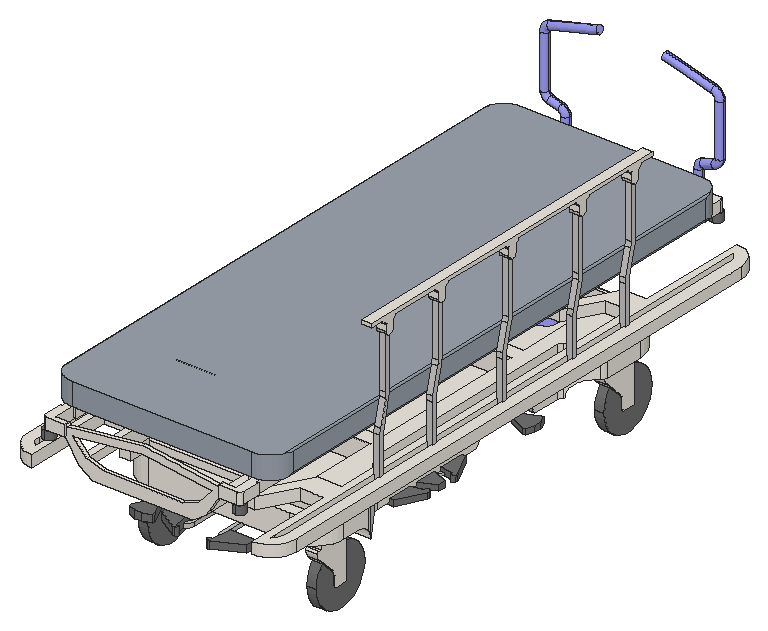
Revit family (continued)
Dimensions and locks (in)
  Extrusion 3 sketch curve to Extrusion 3 sketch curve to plane 2 "Bottom" = 0' - 0" locked, 0' - 4.00032" locked
  Extrusion 3 sketch curve to plane 1 "Center (Front/Back)" to Extrusion 3 sketch curve = 2' - 1 101/256" locked, 1' - 10 155/256" locked
  Extrusion 3 to Extrusion 3 to plane 3 "Center (Left/Right)" to Extrusion 2 to Extrusion 2 = 0' - 1 31/128" locked, 0' - 10 81/128" locked, 0' - 10.63404" locked, 0' - 1.24163" locked
  plane 4 "Left" to Extrusion 4 sketch curve to Extrusion 4 sketch curve to Extrusion 4 sketch curve = 0' - 1 1/2" locked, 0' - 0.80815" locked, 0' - 1" locked
  Extrusion 4 sketch curve to Extrusion 4 sketch curve to Extrusion 4 sketch curve to plane 5 "Right" = 0' - 1" locked, 0' - 0.80815" locked, 0' - 1 1/2" locked
  Extrusion 4 sketch curve to Extrusion 4 sketch curve to Extrusion 4 sketch curve to plane 3 "Center (Left/Right)" to Extrusion 4 sketch curve to Extrusion 4 sketch curve to Extrusion 4 sketch curve = 0' - 0" locked, 0' - 3.97506" locked, 0' - 7 1/2" locked, 0' - 7 1/2" locked, 0' - 3.97506" locked, 0' - 0" locked
  Extrusion 4 sketch curve to Extrusion 4 sketch curve to Extrusion 4 sketch curve to Extrusion 4 sketch curve to plane 3 "Center (Left/Right)" to Extrusion 4 sketch curve to Extrusion 4 sketch curve to Extrusion 4 sketch curve to Extrusion 4 sketch curve = 0' - 0" locked, 0' - 2.47506" locked, 0' - 0" locked, 0' - 9" locked, 0' - 9" locked, 0' - 0" locked, 0' - 2.47506" locked, 0' - 0" locked
  Extrusion 4 sketch curve to Extrusion 4 sketch curve to plane 3 "Center (Left/Right)" to Extrusion 4 sketch curve to Extrusion 4 sketch curve = 0' - 0" locked, 0' - 9" locked, 0' - 9" locked, 0' - 0" locked
  plane 7 "Foot" to Extrusion 4 sketch curve to Extrusion 4 sketch curve = 0' - 3.92846" locked, 0' - 0" locked  (x2)
  Extrusion 4 sketch curve to Extrusion 4 sketch curve to plane 6 "Head" = 0' - 0" locked, 0' - 4.78375" locked  (x2)
  Extrusion 4 sketch curve to Extrusion 4 sketch curve to Extrusion 4 sketch curve to Extrusion 4 sketch curve to plane 1 "Center (Front/Back)" to Extrusion 4 sketch curve to Extrusion 4 sketch curve to Extrusion 4 sketch curve to Extrusion 4 sketch curve = 0' - 3" locked, 0' - 1.42455" locked, 0' - 3" locked, 2' - 1.87965", 1' - 5.6958" locked, 0' - 3" locked, 0' - 1.42455" locked, 0' - 3" locked
  plane 9 "Matress Height" to Extrusion 5 sketch curve to Extrusion 5 sketch curve to Extrusion 5 sketch curve = 0' - 3.25034" locked, 0' - 1" locked, 0' - 0.99758" locked
  Extrusion 5 sketch curve to Extrusion 5 sketch curve to plane 1 "Center (Front/Back)" to Extrusion 5 sketch curve to Extrusion 5 sketch curve = 0' - 3" locked, 1' - 5.70093" locked, 2' - 6.29908" locked, 0' - 3" locked
  locked: Blend 8 sketch curve to plane 1 "Center (Front/Back)" at 19.29349
  locked: Blend 8 sketch curve to plane 1 "Center (Front/Back)" at 19.29297
  locked: plane 1 "Center (Front/Back)" to Blend 9 sketch curve at 23.22656  (x2)
  Extrusion 10 sketch curve to Extrusion 10 sketch curve to Extrusion 10 sketch curve to Extrusion 10 sketch curve to Extrusion 10 sketch curve to plane 3 "Center (Left/Right)" to Extrusion 10 sketch curve to Extrusion 10 sketch curve to Extrusion 10 sketch curve to Extrusion 10 sketch curve to Extrusion 10 sketch curve = 0' - 1 3/4" locked, 0' - 1" locked, 0' - 0 7/8" locked, 0' - 1.25134" locked, 0' - 5.37366" locked, 0' - 5.37366" locked, 0' - 1.25134" locked, 0' - 0 7/8" locked, 0' - 1" locked, 0' - 1 3/4" locked
  Extrusion 11 sketch curve to Extrusion 11 sketch curve to Extrusion 11 sketch curve to Extrusion 11 sketch curve to plane 3 "Center (Left/Right)" to Extrusion 11 sketch curve to Extrusion 11 sketch curve to Extrusion 11 sketch curve to Extrusion 11 sketch curve = 0' - 0 1/4" locked, 0' - 1" locked, 0' - 1 3/4" locked, 0' - 10 1/4" locked, 0' - 10 1/4" locked, 0' - 1 3/4" locked, 0' - 1" locked, 0' - 0 1/4" locked
  Extrusion 10 sketch curve to Extrusion 10 sketch curve to Extrusion 10 sketch curve to Extrusion 10 sketch curve to Extrusion 10 sketch curve to Extrusion 10 sketch curve to Extrusion 10 sketch curve to Extrusion 10 sketch curve to plane 9 "Matress Height" = 0' - 1 5/16" locked, 0' - 0" locked, 0' - 0 11/32" locked, 0' - 0 21/32" locked, 0' - 0" locked, 0' - 1 3/4" locked, 0' - 0" locked, 0' - 1.50034" locked
  locked: plane 6 "Head" to Extrusion 5 sketch curve at 3.0794
  locked: Extrusion 5 sketch curve to plane 7 "Foot" at 1.25
  locked: plane 6 "Head" to Extrusion 6 sketch curve at 3.0794
  locked: Extrusion 6 sketch curve to plane 7 "Foot" at 1.25
  Extrusion 14 sketch curve to Extrusion 14 sketch curve to Extrusion 14 sketch curve to Extrusion 14 sketch curve to Extrusion 14 sketch curve to Extrusion 14 sketch curve to Extrusion 14 sketch curve to Extrusion 14 sketch curve to plane 2 "Bottom" = 0' - 1 3/4" locked, 0' - 0.2301" locked, 0' - 0" locked, 0' - 0" locked, 0' - 3.81681" locked, 0' - 0" locked, 0' - 1.46378" locked, 0' - 3.00032" locked
  Extrusion 14 sketch curve to Extrusion 14 sketch curve to Extrusion 14 sketch curve to Extrusion 14 sketch curve to Extrusion 14 sketch curve to Extrusion 14 sketch curve to plane 1 "Center (Front/Back)" to Extrusion 14 sketch curve to Extrusion 14 sketch curve to Extrusion 14 sketch curve to Extrusion 14 sketch curve to Extrusion 14 sketch curve to Extrusion 14 sketch curve to Extrusion 14 sketch curve to Extrusion 14 sketch curve = 0' - 1.95127" locked, 0' - 0.29873" locked, 0' - 0 5/8" locked, 0' - 0.46125" locked, 0' - 0.78875" locked, 1' - 10.0099" locked, 1' - 9.8651" locked, 0' - 1.95127" locked, 0' - 0.29873" locked, 0' - 0 5/8" locked, 0' - 0.46125" locked, 0' - 0.78875" locked, 0' - 0 5/8" locked, 0' - 0" locked
  locked: plane 9 "Matress Height" to Sweep 16 sketch curve at 2.56284
  locked: plane 6 "Head" to Sweep 16 sketch curve at 0.5
  Sweep 16 sketch curve to plane 3 "Center (Left/Right)" to Sweep 16 sketch curve = 0' - 8.90336" locked, 0' - 8.90336" locked
  plane 8 "Top" to Sweep 17 sketch curve = 0' - 3.24591"
  plane 3 "Center (Left/Right)" to Sweep 17 sketch curve to Sweep 17 sketch curve to Sweep 17 sketch curve = 0' - 4.36485" locked, 0' - 6.33499" locked, 0' - 1" locked
  locked: Sweep 17 sketch curve to profile plane at 0.5
  Extrusion 18 sketch curve to Extrusion 18 sketch curve to Extrusion 18 sketch curve to plane 3 "Center (Left/Right)" to Extrusion 18 sketch curve to Extrusion 18 sketch curve to Extrusion 18 sketch curve = 0' - 3.43683" locked, 0' - 2" locked, 0' - 8 1/16" locked, 0' - 8 1/16" locked, 0' - 2" locked, 0' - 3.43683" locked
  Extrusion 18 sketch curve to Extrusion 18 sketch curve to plane 1 "Center (Front/Back)" to Extrusion 18 sketch curve to Extrusion 18 sketch curve = 0' - 2" locked, 0' - 10.73907" locked, 0' - 10.73907" locked, 0' - 2" locked
  Extrusion 18 to Extrusion 20 to Extrusion 20 to Extrusion 18 to plane 2 "Bottom" = 0' - 2.7152" locked, 0' - 0.72879" locked, 0' - 3.05601" locked, 0' - 7.53091" locked
  Extrusion 19 sketch curve to Extrusion 19 sketch curve to Extrusion 19 sketch curve to Extrusion 19 sketch curve to plane 2 "Bottom" = 0' - 1" locked, 0' - 3.51795" locked, 0' - 1.98205" locked, 0' - 7.53091" locked
  Extrusion 19 sketch curve to Extrusion 19 sketch curve to Extrusion 19 sketch curve to Extrusion 19 sketch curve = 0' - 1" locked, 0' - 3.51795" locked, 0' - 1.98205" locked
  Extrusion 19 sketch curve to plane 1 "Center (Front/Back)" to Extrusion 19 sketch curve = 1' - 4.58667" locked, 1' - 7.519" locked
  Extrusion 19 sketch curve to Extrusion 19 sketch curve to plane 2 "Bottom" = 0' - 3.38706" locked, 0' - 4.14385" locked
  locked: Extrusion 19 sketch curve to plane 1 "Center (Front/Back)" at 7.19717
  plane 8 "Top" to Extrusion 26 sketch curve to Extrusion 26 sketch curve to Extrusion 26 sketch curve to Extrusion 26 sketch curve = 0' - 0 1/2" locked, 0' - 1.51117" locked, 0' - 0" locked, 0' - 0" locked
  plane 8 "Top" to Extrusion 26 sketch curve to Extrusion 26 sketch curve = 0' - 2.01117" locked, 0' - 0" locked
  plane 8 "Top" to Extrusion 28 sketch curve to Extrusion 28 sketch curve to Extrusion 28 sketch curve to Extrusion 28 sketch curve = 0' - 0 1/2" locked, 0' - 1.51117" locked, 0' - 0" locked, 0' - 0" locked
  plane 8 "Top" to Extrusion 28 sketch curve to Extrusion 28 sketch curve = 0' - 2.01117" locked, 0' - 0" locked
  cut or joined group of Blend 9, Extrusion 19 to cut or joined group of Blend 8, Extrusion 19 to plane 2 "Bottom" = 0' - 0.01792" locked, 0' - 11.31571" locked
  locked: Sweep 17 sketch curve to plane 9 "Matress Height" at 3.6369
  plane 3 "Center (Left/Right)" to Sweep 30 sketch curve to Sweep 30 sketch curve to Sweep 30 sketch curve = 0' - 4.36485" locked, 0' - 6.33499" locked, 0' - 1" locked
  locked: Sweep 30 sketch curve to profile plane at 0.5
  locked: Sweep 30 sketch curve to plane 9 "Matress Height" at 3.6369
  locked: plane 8 "Top" to Sweep 30 sketch curve at 3.24591
  Extrusion 31 sketch curve to plane 3 "Center (Left/Right)" to Extrusion 31 sketch curve = 1' - 0 3/4" locked, 1' - 0 3/4" locked  (x2)
  Extrusion 31 sketch curve to Extrusion 31 sketch curve to plane 6 "Head" = 0' - 0" locked, 0' - 2.3294" locked
  plane 7 "Foot" to Extrusion 31 sketch curve to Extrusion 31 sketch curve = 0' - 1 11/256" locked, 0' - 0" locked
  Extrusion 15 sketch curve to Extrusion 15 sketch curve to Extrusion 15 sketch curve to Extrusion 15 sketch curve to Extrusion 15 sketch curve to Extrusion 15 sketch curve to Extrusion 15 sketch curve to plane 1 "Center (Front/Back)" to Extrusion 15 sketch curve to Extrusion 15 sketch curve to Extrusion 15 sketch curve to Extrusion 15 sketch curve to Extrusion 15 sketch curve to Extrusion 15 sketch curve to Extrusion 15 sketch curve = 0' - 1.95127" locked, 0' - 0.29873" locked, 0' - 0 5/8" locked, 0' - 1 1/4" locked, 0' - 0 5/8" locked, 0' - 0" locked, 1' - 9.3849" locked, 1' - 9.8651" locked, 0' - 1.95127" locked, 0' - 0.29873" locked, 0' - 0 5/8" locked, 0' - 1 1/4" locked, 0' - 0 5/8" locked, 0' - 0" locked
  Extrusion 15 sketch curve to Extrusion 15 sketch curve to Extrusion 15 sketch curve to Extrusion 15 sketch curve to plane 2 "Bottom" = 0' - 1 3/4" locked, 0' - 0.2301" locked, 0' - 5.28059" locked, 0' - 3.00032" locked
  plane 7 "Foot" to Extrusion 18 sketch curve to Extrusion 18 sketch curve = 1' - 1.42764" locked, 0' - 2" locked
  Extrusion 18 sketch curve to Extrusion 18 sketch curve to plane 6 "Head" = 0' - 2" locked, 1' - 0.02548" locked
  plane 6 "Head" to Extrusion 19 sketch curve to Extrusion 19 sketch curve = 1' - 0.02548" locked, 0' - 1 1/2" locked
  Extrusion 19 sketch curve to Extrusion 19 sketch curve to plane 7 "Foot" = 0' - 1 1/2" locked, 1' - 1.41658" locked
  equal spacing: Sweep 1 sketch curve, plane 1 "Center (Front/Back)", Sweep 1 sketch curve
  "Mattress Length": Sweep 1 sketch curve to Sweep 1 sketch curve
  "Mattress Length": Sweep 13 sketch curve to Sweep 13 sketch curve
  equal spacing: Sweep 13 sketch curve, plane 1 "Center (Front/Back)", Sweep 13 sketch curve
  locked: plane 9 "Matress Height" to Sweep 1 sketch curve at 3
  "Mattress Width": Extrusion 34 sketch curve to Extrusion 34 sketch curve  (x2)
  locked: Extrusion 34 sketch curve to Extrusion 34 sketch curve at 3  (x4)
  equal spacing: Extrusion 34 sketch curve, plane 3 "Center (Left/Right)", Extrusion 34 sketch curve  (x2)
  Extrusion 34 sketch curve to Extrusion 34 sketch curve to Sweep 1 = 0' - 0" locked, 0' - 3" locked
  Sweep 1 to Extrusion 34 sketch curve to Extrusion 34 sketch curve = 0' - 3" locked, 0' - 0" locked
  "Siderail Length": Extrusion 26 sketch curve to Extrusion 26 sketch curve
  equal spacing: Extrusion 26 sketch curve, plane 1 "Center (Front/Back)", Extrusion 26 sketch curve
  Extrusion 26 sketch curve to Extrusion 26 sketch curve = 0' - 3"
  "Siderail Length": Extrusion 28 sketch curve to Extrusion 28 sketch curve
  equal spacing: Extrusion 28 sketch curve, plane 1 "Center (Front/Back)", Extrusion 28 sketch curve
  locked: Extrusion 28 sketch curve to Extrusion 28 sketch curve at 3  (x2)
  equal spacing: Extrusion 28 sketch curve, Extrusion 28 sketch curve, Extrusion 28 sketch curve, Extrusion 28 sketch curve, Extrusion 28 sketch curve
  locked: Extrusion 26 sketch curve to Extrusion 26 sketch curve at 3
  equal spacing: Extrusion 26 sketch curve, Extrusion 26 sketch curve, Extrusion 26 sketch curve, Extrusion 26 sketch curve, Extrusion 26 sketch curve
  locked: curve 1 to curve 2 at 3
  locked: curve 4 to curve 3 at 3
  "Siderail Length": curve 1 to curve 3
  equal spacing: curve 1, plane 1 "Center (Front/Back)", curve 3
  equal spacing: curve 1, curve 5, plane 1 "Center (Front/Back)"
  equal spacing: plane 1 "Center (Front/Back)", curve 6, curve 3
  Extrusion 27 sketch curve to curve 2 to Extrusion 27 sketch curve to Extrusion 27 sketch curve to Extrusion 27 sketch curve = 0' - 0 1/4" locked, 0' - 0 1/4" locked, 0' - 0 1/2" locked, 0' - 0 1/2" locked
  Extrusion 27 sketch curve to curve 5 to Extrusion 27 sketch curve to Extrusion 27 sketch curve to Extrusion 27 sketch curve = 0' - 0 1/4" locked, 0' - 0 1/4" locked, 0' - 0 1/2" locked, 0' - 0 1/2" locked
  Extrusion 27 sketch curve to plane 1 "Center (Front/Back)" to Extrusion 27 sketch curve to Extrusion 27 sketch curve to Extrusion 27 sketch curve = 0' - 0 1/4" locked, 0' - 0 1/4" locked, 0' - 0 1/2" locked, 0' - 0 1/2" locked
  Extrusion 27 sketch curve to curve 6 to Extrusion 27 sketch curve to Extrusion 27 sketch curve to Extrusion 27 sketch curve = 0' - 0 1/4" locked, 0' - 0 1/4" locked, 0' - 0 1/2" locked, 0' - 0 1/2" locked
  Extrusion 27 sketch curve to curve 4 to Extrusion 27 sketch curve to Extrusion 27 sketch curve to Extrusion 27 sketch curve = 0' - 0 1/4" locked, 0' - 0 1/4" locked, 0' - 0 1/2" locked, 0' - 0 1/2" locked
  Extrusion 29 sketch curve to curve 2 to Extrusion 29 sketch curve to Extrusion 29 sketch curve to Extrusion 29 sketch curve = 0' - 0 1/4" locked, 0' - 0 1/4" locked, 0' - 0 1/2" locked, 0' - 0 1/2" locked
  Extrusion 29 sketch curve to curve 5 to Extrusion 29 sketch curve to Extrusion 29 sketch curve to Extrusion 29 sketch curve = 0' - 0 1/4" locked, 0' - 0 1/4" locked, 0' - 0 1/2" locked, 0' - 0 1/2" locked
  Extrusion 29 sketch curve to plane 1 "Center (Front/Back)" to Extrusion 29 sketch curve to Extrusion 29 sketch curve to Extrusion 29 sketch curve = 0' - 0 1/4" locked, 0' - 0 1/4" locked, 0' - 0 1/2" locked, 0' - 0 1/2" locked
  Extrusion 29 sketch curve to curve 6 to Extrusion 29 sketch curve to Extrusion 29 sketch curve to Extrusion 29 sketch curve = 0' - 0 1/4" locked, 0' - 0 1/4" locked, 0' - 0 1/2" locked, 0' - 0 1/2" locked
  Extrusion 29 sketch curve to curve 4 to Extrusion 29 sketch curve to Extrusion 29 sketch curve to Extrusion 29 sketch curve = 0' - 0 1/4" locked, 0' - 0 1/4" locked, 0' - 0 1/2" locked, 0' - 0 1/2" locked
  "Siderail Length": Extrusion 33 sketch curve to Extrusion 33 sketch curve
  locked: Extrusion 33 sketch curve to Extrusion 33 sketch curve at 3  (x2)
  equal spacing: Extrusion 33 sketch curve, Extrusion 33 sketch curve, Extrusion 33 sketch curve, Extrusion 33 sketch curve, Extrusion 33 sketch curve
  locked: Extrusion 33 sketch curve to plane 6 "Head" at 0
  "Siderail Length": Extrusion 32 sketch curve to Extrusion 32 sketch curve
  locked: Extrusion 32 sketch curve to Extrusion 32 sketch curve at 3  (x2)
  equal spacing: Extrusion 32 sketch curve, Extrusion 32 sketch curve, Extrusion 32 sketch curve, Extrusion 32 sketch curve, Extrusion 32 sketch curve
  locked: Extrusion 32 sketch curve to plane 6 "Head" at 0
  equal spacing: Sweep 1 sketch curve, plane 3 "Center (Left/Right)", Sweep 1 sketch curve
  "Mattress Width": Sweep 1 sketch curve to Sweep 1 sketch curve
  equal spacing: plane 4 "Left", Extrusion 22 sketch curve, Extrusion 22 sketch curve, Extrusion 22 sketch curve, Extrusion 22 sketch curve, Extrusion 22 sketch curve, Extrusion 22 sketch curve
  equal spacing: plane 4 "Left", Extrusion 21 sketch curve, Extrusion 21 sketch curve, Extrusion 21 sketch curve, Extrusion 21 sketch curve
  equal spacing: Extrusion 21 sketch curve, Extrusion 21 sketch curve, Extrusion 21 sketch curve, Extrusion 21 sketch curve, plane 5 "Right"
  equal spacing: plane 5 "Right", Extrusion 22 sketch curve, Extrusion 22 sketch curve, Extrusion 22 sketch curve, Extrusion 22 sketch curve, Extrusion 22 sketch curve, Extrusion 22 sketch curve
  locked: plane 6 "Head" to curve 7 at 3
  locked: curve 10 to curve 11 at 3
  "Siderail Length": plane 6 "Head" to curve 11
  equal spacing: plane 6 "Head", curve 8, curve 9, curve 12, curve 11
  curve 7 to Extrusion 35 sketch curve to Extrusion 35 sketch curve = 0' - 0.04876" locked, 0' - 0.06977" locked
  curve 8 to Extrusion 35 sketch curve to Extrusion 35 sketch curve = 0' - 7.77005", 0' - 0.08099" locked
  curve 9 to Extrusion 35 sketch curve to Extrusion 35 sketch curve = 0' - 7.77005", 0' - 0.08099" locked
  curve 12 to Extrusion 35 sketch curve to Extrusion 35 sketch curve = 0' - 7.77005", 0' - 0.08099" locked
  curve 10 to Extrusion 35 sketch curve to Extrusion 35 sketch curve = 0' - 10.77005", 0' - 0.08099" locked
  curve 11 to Extrusion 35 sketch curve to Extrusion 35 sketch curve = 1' - 7.52005", 0' - 0.08099" locked
  plane 9 "Matress Height" to Extrusion 35 sketch curve to Extrusion 35 sketch curve = 0' - 3.93082" locked, 0' - 0.49216" locked
  plane 9 "Matress Height" to Extrusion 35 sketch curve to Extrusion 35 sketch curve to Extrusion 35 sketch curve to Extrusion 35 sketch curve = 0' - 4.00299" locked, 0' - 0.49626" locked, 0' - 1.49615" locked, 0' - 0.4934" locked  (x3)
  plane 9 "Matress Height" to Extrusion 35 sketch curve to Extrusion 35 sketch curve to Extrusion 35 sketch curve to Extrusion 35 sketch curve = 0' - 3.56542" locked, 0' - 0.49626" locked, 0' - 1.93372" locked, 0' - 0.4934" locked
  plane 9 "Matress Height" to Extrusion 35 sketch curve to Extrusion 35 sketch curve = 0' - 5.9954" locked, 0' - 0.4934" locked
  Extrusion 35 sketch curve to curve 8 to Extrusion 35 sketch curve = 0' - 0.01356" locked, 0' - 0.0568" locked
  Extrusion 35 sketch curve to curve 9 to Extrusion 35 sketch curve = 0' - 0.01356" locked, 0' - 0.0568" locked
  Extrusion 35 sketch curve to curve 12 to Extrusion 35 sketch curve = 0' - 0.01356" locked, 0' - 0.0568" locked
  Extrusion 35 sketch curve to Extrusion 35 sketch curve to curve 10 = 0' - 0.07036" locked, 0' - 0.02962" locked
  curve 7 to Extrusion 36 sketch curve to Extrusion 36 sketch curve = 0' - 0.04876" locked, 0' - 0.06977" locked
  Extrusion 36 sketch curve to curve 8 to Extrusion 36 sketch curve to Extrusion 36 sketch curve to Extrusion 36 sketch curve = 0' - 0.01356" locked, 0' - 0.0568" locked, 0' - 7.71325" locked, 0' - 0.08099" locked
  Extrusion 36 sketch curve to curve 9 to Extrusion 36 sketch curve to Extrusion 36 sketch curve to Extrusion 36 sketch curve = 0' - 0.01356" locked, 0' - 0.0568" locked, 0' - 7.71325" locked, 0' - 0.08099" locked
  Extrusion 36 sketch curve to curve 12 to Extrusion 36 sketch curve to Extrusion 36 sketch curve to Extrusion 36 sketch curve = 0' - 0.01356" locked, 0' - 0.05657" locked, 0' - 7.71347" locked, 0' - 0.08099" locked
  Extrusion 36 sketch curve to Extrusion 36 sketch curve to curve 10 to Extrusion 36 sketch curve to Extrusion 36 sketch curve = 0' - 0.07036" locked, 0' - 0.02962" locked, 0' - 10.77005" locked, 0' - 0.08099" locked
  curve 11 to Extrusion 36 sketch curve to Extrusion 36 sketch curve = 1' - 7.52005" locked, 0' - 0.08099" locked
  Extrusion 22 sketch curve to Extrusion 22 sketch curve to Extrusion 22 sketch curve to plane 3 "Center (Left/Right)" = 0' - 0 1/2" locked, 0' - 1.75262" locked, 0' - 4.24933" locked
  plane 3 "Center (Left/Right)" to Extrusion 22 sketch curve to Extrusion 22 sketch curve to Extrusion 22 sketch curve = 0' - 4.24933" locked, 0' - 1.75262" locked, 0' - 0 1/2" locked
  locked: Extrusion 21 sketch curve to plane 3 "Center (Left/Right)" at 9.24677  (x4)
  locked: plane 3 "Center (Left/Right)" to Extrusion 21 sketch curve at 9.24482  (x3)
  Extrusion 23 sketch curve to Extrusion 23 sketch curve to Extrusion 23 sketch curve to Extrusion 23 sketch curve to Extrusion 23 sketch curve to Extrusion 23 sketch curve to Extrusion 23 sketch curve to Extrusion 23 sketch curve to Extrusion 23 sketch curve to Extrusion 23 sketch curve to Extrusion 23 sketch curve to plane 3 "Center (Left/Right)" = 0' - 1.06404" locked, 0' - 0.03451" locked, 0' - 0.91466" locked, 0' - 0.03451" locked, 0' - 1.06404" locked, 0' - 0.30573" locked, 0' - 2.62137" locked, 0' - 0.27275" locked, 0' - 0.15103" locked, 0' - 0.12741" locked, 0' - 1.40265" locked
  plane 3 "Center (Left/Right)" to Extrusion 23 sketch curve to Extrusion 23 sketch curve to Extrusion 23 sketch curve to Extrusion 23 sketch curve to Extrusion 23 sketch curve = 0' - 2.9707" locked, 0' - 0.12741" locked, 0' - 0.15103" locked, 0' - 0.27275" locked, 0' - 3.24637" locked
  aligned and locked: Extrusion 4 sketch curve to plane 4 "Left"
  aligned and locked: Extrusion 4 sketch curve to Extrusion 4 sketch curve  (x14)
  aligned and locked: plane 5 "Right" to Extrusion 4 sketch curve
  aligned and locked: Extrusion 5 sketch curve to Extrusion 5 sketch curve  (x3)
  aligned and locked: Extrusion 6 sketch curve to Extrusion 5  (x10)
  aligned and locked: plane 3 "Center (Left/Right)" to Blend 8 sketch curve
  aligned and locked: plane 3 "Center (Left/Right)" to Blend 9 sketch curve  (x2)
  aligned and locked: Extrusion 11 sketch curve to Extrusion 11 sketch curve  (x8)
  aligned and locked: plane 9 "Matress Height" to Extrusion 10 sketch curve  (x2)
  aligned and locked: Extrusion 12 sketch curve to Extrusion 10  (x12)
  aligned and locked: Extrusion 14 sketch curve to Extrusion 14 sketch curve  (x6)
  aligned and locked: plane 9 "Matress Height" to Sweep 16 sketch curve
  aligned and locked: Extrusion 10 to Sweep 16 sketch curve
  aligned and locked: profile plane to Sweep 16 sketch curve  (x2)
  aligned and locked: profile plane to Sweep 17 sketch curve
  aligned and locked: Extrusion 18 sketch curve to Extrusion 18 sketch curve  (x6)
  aligned and locked: Extrusion 19 sketch curve to Extrusion 19 sketch curve  (x2)
  aligned and locked: Extrusion 19 to plane 5 "Right"
  aligned and locked: Extrusion 20 sketch curve to cut or joined group of Extrusion 18, Extrusion 19  (x12)
  aligned and locked: Extrusion 25 sketch curve to cut or joined group of Extrusion 18, Extrusion 19  (x6)
  aligned and locked: cut or joined group of Extrusion 18, Extrusion 19 to Extrusion 25 sketch curve
  aligned and locked: Extrusion 25 to Extrusion 20
  aligned and locked: Extrusion 25 to cut or joined group of Extrusion 18, Extrusion 19
  aligned and locked: Extrusion 26 sketch curve to plane 8 "Top"
  aligned and locked: Extrusion 26 sketch curve to Extrusion 26 sketch curve  (x5)
  aligned and locked: Extrusion 28 sketch curve to Extrusion 28 sketch curve  (x5)
  aligned and locked: plane 8 "Top" to Extrusion 28 sketch curve
  aligned and locked: plane 9 "Matress Height" to Sweep 17 sketch curve
  aligned and locked: profile plane to Sweep 30 sketch curve
  aligned and locked: plane 9 "Matress Height" to Sweep 30 sketch curve
  aligned and locked: Extrusion 10 sketch curve to Extrusion 10 sketch curve  (x2)
  aligned and locked: Extrusion 12 sketch curve to Extrusion 12 sketch curve  (x2)
  aligned and locked: Extrusion 15 sketch curve to Extrusion 15 sketch curve  (x6)
  aligned and locked: Sweep 1 sketch curve to plane 9 "Matress Height"
  aligned and locked: Sweep 13 sketch curve to plane 9 "Matress Height"
  aligned and locked: plane 9 "Matress Height" to Sweep 1 sketch curve
  aligned and locked: Extrusion 33 sketch curve to Extrusion 33 sketch curve  (x5)
  aligned and locked: Extrusion 22 sketch curve to Extrusion 22 sketch curve  (x10)
  aligned and locked: Extrusion 21 sketch curve to Extrusion 21 sketch curve  (x6)
Automatic sketch dimensions
  Extrusion 4 sketch curve to Extrusion 4 sketch curve = 0' - 0"  (x4)
  Extrusion 7 sketch curve to plane 9 "Matress Height" = 0' - 1.50034"  (x2)
  plane 1 "Center (Front/Back)" to Extrusion 7 sketch curve = 1' - 7.591"
  plane 1 "Center (Front/Back)" to Extrusion 7 sketch curve = 0' - 1.3042"
  plane 1 "Center (Front/Back)" to Extrusion 7 sketch curve = 0' - 0.5542"
  Extrusion 7 sketch curve to plane 1 "Center (Front/Back)" = 0' - 1.6958"
  Extrusion 7 sketch curve to Extrusion 7 sketch curve = 0' - 0 3/4"  (x2)
  Extrusion 7 sketch curve to plane 9 "Matress Height" = 0' - 0.25034"  (x3)
  Extrusion 7 sketch curve to Extrusion 7 sketch curve = 0' - 5"
  Extrusion 7 sketch curve to Extrusion 7 sketch curve = 1' - 2.95403"
  Extrusion 7 sketch curve to plane 9 "Matress Height" = 0' - 1.25034"  (x2)
  Extrusion 7 sketch curve to Extrusion 7 sketch curve = 0' - 1"
  Blend 8 sketch curve to Blend 8 sketch curve = 0' - 2.81309"
  Extrusion 11 sketch curve to plane 7 "Foot" = 0' - 0 139/256"
  Extrusion 11 sketch curve to Extrusion 11 sketch curve = 0' - 0 1/2"  (x3)
  Extrusion 11 sketch curve to Extrusion 11 sketch curve = 0' - 0 53/256"  (x2)
  Extrusion 11 sketch curve to Extrusion 11 sketch curve = 0' - 2 75/256"
  plane 6 "Head" to Extrusion 11 sketch curve = 0' - 4.8294"
  Extrusion 11 sketch curve to Extrusion 11 sketch curve = 0' - 1 1/4"  (x4)
  Sweep 13 sketch curve to profile plane = 0' - 0"  (x2)
  Sweep 13 sketch curve to Sweep 13 sketch curve = 0' - 1 1/4"  (x2)
  Sweep 13 sketch curve to profile plane = 1' - 0"
  Sweep 13 sketch curve to Sweep 13 sketch curve = 0' - 0 1/2"  (x2)
  profile plane to Sweep 13 sketch curve = 0' - 11 1/2"
  Extrusion 14 sketch curve to Extrusion 14 sketch curve = 0' - 0 27/128"
  Extrusion 14 sketch curve to Extrusion 14 sketch curve = 0' - 1.04411"  (x2)
  Extrusion 14 sketch curve to Extrusion 14 sketch curve = 0' - 0.30581"  (x2)
  Extrusion 14 sketch curve to Extrusion 14 sketch curve = 0' - 0.51348"  (x2)
  Extrusion 14 sketch curve to Extrusion 14 sketch curve = 0' - 0 5/8"
  Extrusion 14 sketch curve to Extrusion 14 sketch curve = 0' - 0"
  Extrusion 14 sketch curve to Extrusion 14 sketch curve = 0' - 0.18398"
  Sweep 16 sketch curve to Sweep 16 sketch curve = 0' - 1"
  Extrusion 19 sketch curve to plane 1 "Center (Front/Back)" = 0' - 2.20217"
  level to Extrusion 19 sketch curve = 0' - 7.53091"
  Extrusion 26 sketch curve to Extrusion 26 sketch curve = 0' - 0.45832"  (x9)
  Extrusion 26 sketch curve to Extrusion 26 sketch curve = 0' - 0.52084"  (x5)
  Extrusion 26 sketch curve to Extrusion 26 sketch curve = 0' - 0.35798"
  Extrusion 26 sketch curve to plane 8 "Top" = 0' - 0 181/256"  (x2)
  Extrusion 26 sketch curve to plane 8 "Top" = 0' - 1.16537"
  Extrusion 26 sketch curve to Extrusion 26 sketch curve = 0' - 0.66537"  (x7)
  Extrusion 28 sketch curve to Extrusion 28 sketch curve = 0' - 0.45832"  (x9)
  Extrusion 28 sketch curve to Extrusion 28 sketch curve = 0' - 0.52084"  (x5)
  Extrusion 28 sketch curve to Extrusion 28 sketch curve = 0' - 0.35798"
  plane 8 "Top" to Extrusion 28 sketch curve = 0' - 1.16537"
  plane 8 "Top" to Extrusion 28 sketch curve = 0' - 0 181/256"
  Extrusion 28 sketch curve to Extrusion 28 sketch curve = 0' - 0.66537"  (x8)
  plane 8 "Top" to Extrusion 32 sketch curve = 1' - 4.12198"
  plane 8 "Top" to Extrusion 32 sketch curve = 1' - 4.62198"  (x4)
  Extrusion 32 sketch curve to Extrusion 32 sketch curve = 0' - 0.45832"  (x10)
  Extrusion 32 sketch curve to Extrusion 32 sketch curve = 0' - 0.52084"  (x5)
  plane 8 "Top" to Extrusion 32 sketch curve = 1' - 4.82903"
  Extrusion 32 sketch curve to Extrusion 32 sketch curve = 0' - 0.66537"  (x7)
  Extrusion 32 sketch curve to Extrusion 32 sketch curve = 0' - 0.8458"  (x7)
  Extrusion 32 sketch curve to Extrusion 32 sketch curve = 0' - 0 53/256"
  Extrusion 32 sketch curve to Extrusion 32 sketch curve = 0' - 0 1/2"
  Extrusion 33 sketch curve to plane 9 "Matress Height" = 0' - 2.73917"
  Extrusion 33 sketch curve to Extrusion 33 sketch curve = 0' - 0.45832"  (x8)
  Extrusion 33 sketch curve to Extrusion 33 sketch curve = 0' - 0.52084"  (x5)
  Extrusion 33 sketch curve to Extrusion 33 sketch curve = 0' - 0.35798"
  Extrusion 33 sketch curve to Extrusion 33 sketch curve = 0' - 0.66537"  (x8)
  Extrusion 33 sketch curve to Extrusion 33 sketch curve = 0' - 0"
  Extrusion 33 sketch curve to Extrusion 33 sketch curve = 0' - 1.51117"
  Extrusion 33 sketch curve to Extrusion 33 sketch curve = 0' - 0.8458"  (x4)
  Extrusion 33 sketch curve to Extrusion 33 sketch curve = 0' - 0 53/256"  (x2)
  Extrusion 33 sketch curve to Extrusion 33 sketch curve = 0' - 0 1/2"
  profile plane to Sweep 1 sketch curve = 0' - 0 1/4"  (x2)
  Sweep 1 sketch curve to Sweep 1 sketch curve = 0' - 2 1/2"
  Sweep 1 sketch curve to Sweep 1 sketch curve = 0' - 0 1/4"
  Extrusion 26 sketch curve to Extrusion 26 sketch curve = 0' - 0.10034"  (x2)
  Extrusion 28 sketch curve to Extrusion 28 sketch curve = 0' - 0.10034"  (x2)
  Extrusion 15 sketch curve to Extrusion 15 sketch curve = 0' - 0.2301"  (x2)
  level to Extrusion 15 sketch curve = 0' - 7 9/32"  (x2)
  Extrusion 15 sketch curve to Extrusion 15 sketch curve = 0' - 0.18398"  (x2)
  Extrusion 15 sketch curve to Extrusion 15 sketch curve = 0' - 1.04411"  (x2)
  Extrusion 15 sketch curve to Extrusion 15 sketch curve = 0' - 0.30581"  (x2)
  Extrusion 15 sketch curve to Extrusion 15 sketch curve = 0' - 0.51348"  (x2)
  Extrusion 15 sketch curve to Extrusion 15 sketch curve = 0' - 0.9503"  (x2)
  Extrusion 33 sketch curve to Extrusion 33 sketch curve = 0' - 0.10034"  (x2)
  Extrusion 32 sketch curve to Extrusion 32 sketch curve = 0' - 0.10034"  (x2)
  Blend 8 sketch curve to plane 3 "Center (Left/Right)" = 0' - 0"
  Blend 8 sketch curve to Blend 8 sketch curve = 0' - 4 1/4"
  plane 3 "Center (Left/Right)" to Blend 9 sketch curve = 0' - 4 1/4"
  Blend 9 sketch curve to plane 3 "Center (Left/Right)" = 0' - 2.81309"
  Extrusion 10 sketch curve to plane 3 "Center (Left/Right)" = 0' - 0"  (x2)
  Extrusion 10 sketch curve to plane 9 "Matress Height" = 0' - 0"
  Extrusion 10 sketch curve to plane 9 "Matress Height" = 0' - 0.22724"  (x2)
  Extrusion 10 sketch curve to plane 9 "Matress Height" = 0' - 1.11774"  (x2)
  plane 9 "Matress Height" to Extrusion 10 sketch curve = 0' - 0.98101"
  Extrusion 12 sketch curve to plane 3 "Center (Left/Right)" = 0' - 0"  (x2)
  Extrusion 12 sketch curve to plane 9 "Matress Height" = 0' - 0"
  Extrusion 12 sketch curve to plane 9 "Matress Height" = 0' - 0.22724"  (x2)
  Extrusion 12 sketch curve to plane 9 "Matress Height" = 0' - 1.11774"  (x2)
  Extrusion 12 sketch curve to Extrusion 12 sketch curve = 0' - 0.98101"
  Sweep 17 sketch curve to plane 8 "Top" = 0' - 2.27999"
  Sweep 17 sketch curve to Sweep 17 sketch curve = 0' - 0.74118"
  Sweep 17 sketch curve to Sweep 17 sketch curve = 0' - 0.25882"
  Sweep 17 sketch curve to Sweep 17 sketch curve = 0' - 1.3053"
  plane 9 "Matress Height" to Sweep 17 sketch curve = 0' - 2.26921"
  Sweep 17 sketch curve to Sweep 17 sketch curve = 0' - 0.19411"
  Sweep 17 sketch curve to Sweep 17 sketch curve = 0' - 0 3/4"
  Sweep 17 sketch curve to plane 8 "Top" = 0' - 0.51318"
  Extrusion 18 sketch curve to Extrusion 18 sketch curve = 0' - 0.29289"  (x8)
  Extrusion 18 sketch curve to Extrusion 18 sketch curve = 0' - 0.70711"  (x4)
  Extrusion 18 sketch curve to Extrusion 18 sketch curve = 0' - 1"  (x4)
  Extrusion 18 sketch curve to Extrusion 18 sketch curve = 0' - 1.43683"  (x4)
  Extrusion 18 sketch curve to Extrusion 18 sketch curve = 0' - 4.22018"
  Extrusion 18 sketch curve to Extrusion 18 sketch curve = 0' - 5.69675"
  Extrusion 18 sketch curve to Extrusion 18 sketch curve = 0' - 2.30494"
  Extrusion 18 sketch curve to Extrusion 18 sketch curve = 0' - 2.08159"
  Extrusion 18 sketch curve to Extrusion 18 sketch curve = 0' - 3"  (x2)
  Extrusion 18 sketch curve to Extrusion 18 sketch curve = 0' - 2.85105"  (x2)
  Extrusion 21 sketch curve to Extrusion 21 sketch curve = 0' - 0.57436"
  Extrusion 21 sketch curve to Extrusion 21 sketch curve = 0' - 0.40449"  (x4)
  Extrusion 21 sketch curve to Extrusion 21 sketch curve = 0' - 0.37805"  (x8)
  plane 1 "Center (Front/Back)" to Extrusion 21 sketch curve = 0' - 0.28921"  (x2)
  Extrusion 21 sketch curve to Extrusion 21 sketch curve = 0' - 1.48414"  (x4)
  Extrusion 21 sketch curve to Extrusion 21 sketch curve = 0' - 0.78254"  (x4)
  Extrusion 21 sketch curve to Extrusion 21 sketch curve = 0' - 3.24901"  (x3)
  Extrusion 21 sketch curve to Extrusion 21 sketch curve = 0' - 0.27011"  (x2)
  Extrusion 21 sketch curve to Extrusion 21 sketch curve = 0' - 0.15103"  (x2)
  Extrusion 21 sketch curve to Extrusion 21 sketch curve = 0' - 0.12741"  (x3)
  Extrusion 21 sketch curve to Extrusion 21 sketch curve = 0' - 0.27844"  (x3)
  Extrusion 21 sketch curve to Extrusion 21 sketch curve = 0' - 1.17666"  (x3)
  Extrusion 21 sketch curve to Extrusion 21 sketch curve = 0' - 1.69216"  (x4)
  Extrusion 21 sketch curve to Extrusion 21 sketch curve = 0' - 1.09855"  (x8)
  Extrusion 21 sketch curve to Extrusion 21 sketch curve = 0' - 0.91466"  (x4)
  Extrusion 21 sketch curve to Extrusion 21 sketch curve = 0' - 0.98367"  (x4)
  Extrusion 21 sketch curve to Extrusion 21 sketch curve = 0' - 1.1793"
  Extrusion 21 sketch curve to Extrusion 21 sketch curve = 0' - 3.24637"
  Extrusion 21 sketch curve to plane 1 "Center (Front/Back)" = 0' - 8.24376"  (x2)
  Extrusion 21 sketch curve to Extrusion 21 sketch curve = 0' - 1.06404"  (x2)
  Extrusion 22 sketch curve to Extrusion 22 sketch curve = 0' - 0"  (x12)
  Extrusion 22 sketch curve to Extrusion 22 sketch curve = 0' - 0.49482"  (x6)
  plane 1 "Center (Front/Back)" to Extrusion 22 sketch curve = 0' - 10.01101"  (x2)
  Extrusion 22 sketch curve to Extrusion 22 sketch curve = 0' - 0.96983"  (x4)
  Extrusion 22 sketch curve to Extrusion 22 sketch curve = 0' - 1.51749"  (x4)
  Extrusion 22 sketch curve to Extrusion 22 sketch curve = 0' - 0 1/2"  (x4)
  Extrusion 22 sketch curve to plane 1 "Center (Front/Back)" = 0' - 9.54964"  (x2)
  Extrusion 22 sketch curve to Extrusion 22 sketch curve = 0' - 5.25518"  (x2)
  plane 4 "Left" to Extrusion 23 sketch curve = 0' - 7.69774"
  plane 3 "Center (Left/Right)" to Extrusion 23 sketch curve = 0' - 0.44774"
  Extrusion 23 sketch curve to plane 7 "Foot" = 0' - 7.82151"
  Extrusion 23 sketch curve to Extrusion 23 sketch curve = 0' - 0"
  Extrusion 23 sketch curve to Extrusion 23 sketch curve = 0' - 0.28345"
  Extrusion 23 sketch curve to Extrusion 23 sketch curve = 0' - 0.28718"  (x2)
  Extrusion 23 sketch curve to Extrusion 23 sketch curve = 0' - 0.40449"  (x2)
  Extrusion 23 sketch curve to Extrusion 23 sketch curve = 0' - 0.37805"  (x2)
  Extrusion 23 sketch curve to Extrusion 23 sketch curve = 0' - 1.17482"
  Extrusion 23 sketch curve to Extrusion 23 sketch curve = 0' - 0.68319"
  Extrusion 23 sketch curve to Extrusion 23 sketch curve = 0' - 1.50082"
  Extrusion 23 sketch curve to Extrusion 23 sketch curve = 0' - 2.67564"
  Extrusion 23 sketch curve to Extrusion 23 sketch curve = 0' - 0.11156"
  plane 6 "Head" to Extrusion 23 sketch curve = 0' - 9.73216"
  Extrusion 23 sketch curve to Extrusion 23 sketch curve = 0' - 0 5/8"
  Extrusion 24 sketch curve to Extrusion 24 sketch curve = 0' - 0"  (x5)
  Extrusion 24 sketch curve to plane 3 "Center (Left/Right)" = 0' - 7.31183"
  Extrusion 24 sketch curve to Extrusion 24 sketch curve = 0' - 0 1/2"  (x4)
  Extrusion 24 sketch curve to plane 3 "Center (Left/Right)" = 0' - 5.1396"
  Extrusion 24 sketch curve to plane 3 "Center (Left/Right)" = 0' - 2.91687"
  Extrusion 24 sketch curve to Extrusion 24 sketch curve = 0' - 0.96983"  (x2)
  Extrusion 24 sketch curve to Extrusion 24 sketch curve = 0' - 0.49482"  (x2)
  plane 3 "Center (Left/Right)" to Extrusion 24 sketch curve = 0' - 2.55152"
  Extrusion 24 sketch curve to plane 7 "Foot" = 0' - 9.54422"
  Extrusion 24 sketch curve to Extrusion 24 sketch curve = 0' - 0.99482"
  Extrusion 24 sketch curve to Extrusion 24 sketch curve = 0' - 0.02701"
  Extrusion 24 sketch curve to Extrusion 24 sketch curve = 0' - 6.13085"
  Extrusion 24 sketch curve to Extrusion 24 sketch curve = 0' - 0.00515"
  plane 6 "Head" to Extrusion 24 sketch curve = 1' - 4.73216"
  Extrusion 24 sketch curve to Extrusion 24 sketch curve = 0' - 7"
  Extrusion 25 sketch curve to Extrusion 25 sketch curve = 0' - 4.90809"
  Extrusion 27 sketch curve to Extrusion 27 sketch curve = 0' - 0"  (x20)
  Extrusion 27 sketch curve to Extrusion 27 sketch curve = 0' - 2.07565"  (x5)
  plane 9 "Matress Height" to Extrusion 27 sketch curve = 0' - 0.48659"  (x5)
  Extrusion 27 sketch curve to Extrusion 27 sketch curve = 0' - 0.06511"  (x5)
  plane 9 "Matress Height" to Extrusion 27 sketch curve = 0' - 0.3822"  (x5)
  Extrusion 27 sketch curve to Extrusion 27 sketch curve = 0' - 0.48928"  (x5)
  plane 9 "Matress Height" to Extrusion 27 sketch curve = 0' - 3.72638"  (x2)
  Extrusion 27 sketch curve to Extrusion 27 sketch curve = 0' - 0.12712"  (x4)
  plane 9 "Matress Height" to Extrusion 27 sketch curve = 0' - 3.58074"  (x4)
  Extrusion 27 sketch curve to Extrusion 27 sketch curve = 0' - 0.47899"  (x2)
  plane 1 "Center (Front/Back)" to Extrusion 27 sketch curve = 0' - 0.37712"
  Extrusion 27 sketch curve to plane 1 "Center (Front/Back)" = 0' - 0.10187"
  Extrusion 27 sketch curve to Extrusion 27 sketch curve = 0' - 5 3/4"  (x5)
  Extrusion 27 sketch curve to Extrusion 27 sketch curve = 0' - 3.19854"
  Extrusion 27 sketch curve to plane 8 "Top" = 0' - 1 3/4"  (x5)
  Extrusion 29 sketch curve to Extrusion 29 sketch curve = 0' - 0"  (x20)
  Extrusion 29 sketch curve to Extrusion 29 sketch curve = 0' - 2.07565"  (x5)
  Extrusion 29 sketch curve to plane 9 "Matress Height" = 0' - 0.48659"  (x5)
  Extrusion 29 sketch curve to Extrusion 29 sketch curve = 0' - 0.06511"  (x5)
  Extrusion 29 sketch curve to plane 9 "Matress Height" = 0' - 0.3822"  (x5)
  Extrusion 29 sketch curve to Extrusion 29 sketch curve = 0' - 0.48928"  (x5)
  Extrusion 29 sketch curve to Extrusion 29 sketch curve = 0' - 0.12712"  (x4)
  Extrusion 29 sketch curve to Extrusion 29 sketch curve = 0' - 0.47899"  (x3)
  Extrusion 29 sketch curve to plane 9 "Matress Height" = 0' - 3.72638"
  Extrusion 29 sketch curve to plane 9 "Matress Height" = 0' - 3.58074"  (x3)
  Extrusion 29 sketch curve to plane 1 "Center (Front/Back)" = 0' - 0.37712"
  plane 1 "Center (Front/Back)" to Extrusion 29 sketch curve = 0' - 0.10187"
  Extrusion 29 sketch curve to Extrusion 29 sketch curve = 0' - 5 3/4"  (x5)
  Extrusion 29 sketch curve to Extrusion 29 sketch curve = 0' - 3.19854"  (x2)
  plane 8 "Top" to Extrusion 29 sketch curve = 0' - 1 3/4"  (x5)
  plane 8 "Top" to Sweep 30 sketch curve = 0' - 2.27999"
  Sweep 30 sketch curve to Sweep 30 sketch curve = 0' - 0.74118"
  Sweep 30 sketch curve to Sweep 30 sketch curve = 0' - 0.25882"
  Sweep 30 sketch curve to Sweep 30 sketch curve = 0' - 1.3053"
  Sweep 30 sketch curve to plane 9 "Matress Height" = 0' - 2.26921"
  Sweep 30 sketch curve to Sweep 30 sketch curve = 0' - 0.19411"
  Sweep 30 sketch curve to Sweep 30 sketch curve = 0' - 0 3/4"
  plane 8 "Top" to Sweep 30 sketch curve = 0' - 0.51318"
  plane 9 "Matress Height" to curve 12 = 0' - 6.82839"
  curve 12 to curve 8 = 0' - 0"
  curve 11 to curve 12 = 0' - 0"
  curve 9 to curve 8 = 0' - 0"  (x2)
  curve 11 to curve 10 = 0' - 0"  (x2)
  curve 8 to curve 7 = 0' - 0"  (x2)
  curve 9 to curve 9 = 0' - 3 1/2"
  curve 12 to curve 9 = 0' - 0"
  curve 10 to curve 12 = 0' - 0"
  plane 8 "Top" to curve 1 = 0' - 1"
  plane 8 "Top" to curve 6 = 0' - 1"
  plane 8 "Top" to curve 3 = 0' - 1"
  plane 8 "Top" to curve 5 = 0' - 1"
  plane 8 "Top" to curve 4 = 0' - 1"
  plane 8 "Top" to curve 2 = 0' - 1"
  curve 5 to curve 5 = 0' - 7"
  curve 5 to curve 2 = 0' - 0"
  curve 3 to curve 3 = 0' - 7"
  curve 3 to curve 4 = 0' - 0"
  curve 2 to curve 1 = 0' - 0"
  curve 4 to curve 6 = 0' - 0"
  plane 9 "Matress Height" to Extrusion 36 sketch curve = 0' - 4.00458"
  plane 9 "Matress Height" to Extrusion 36 sketch curve = 0' - 5.9954"  (x4)
  plane 9 "Matress Height" to Extrusion 36 sketch curve = 0' - 6.4888"  (x4)
  plane 9 "Matress Height" to Extrusion 36 sketch curve = 0' - 4.00299"  (x2)
  plane 9 "Matress Height" to Extrusion 36 sketch curve = 0' - 4.49925"  (x3)
  Extrusion 36 sketch curve to Extrusion 36 sketch curve = 0' - 0.4934"  (x2)
  plane 9 "Matress Height" to Extrusion 36 sketch curve = 0' - 4.42298"
  Extrusion 36 sketch curve to Extrusion 36 sketch curve = 0' - 0.49216"
  Extrusion 36 sketch curve to Extrusion 36 sketch curve = 0' - 1.93372"
  Extrusion 36 sketch curve to Extrusion 36 sketch curve = 0' - 0.49626"
  Extrusion 22 sketch curve to Extrusion 22 sketch curve = 0' - 2 1/4"  (x2)
  Extrusion 22 sketch curve to Extrusion 22 sketch curve = 0' - 5 121/256"  (x2)
  Extrusion 21 sketch curve to Extrusion 21 sketch curve = 0' - 2.29557"  (x2)
  Extrusion 21 sketch curve to Extrusion 21 sketch curve = 0' - 0.41915"  (x2)
  Extrusion 21 sketch curve to Extrusion 21 sketch curve = 0' - 0.28718"  (x2)
  radius of Extrusion 2 sketch curve = 0' - 3.99581"  (x2)
  radius of Extrusion 3 sketch curve = 0' - 3.99581"  (x2)
  radius of Extrusion 7 sketch curve = 0' - 0 3/4"  (x2)
  radius of Sweep 16 sketch curve = 0' - 0 1/2"  (x2)
  radius of Extrusion 31 sketch curve = 0' - 0 3/4"  (x4)
  radius of Sweep 17 sketch curve = 0' - 0 1/2"
  radius of Sweep 30 sketch curve = 0' - 0 1/2"
Types (7): name | Width | Voltage | Siderail Length | Power / Input | Type Comments | Total Weight w/o Mattress | Model | Minimum Sleep Surface Height | Maximum Sleep Surface Height | Maximum Siderail Height Above Sleep Deck | Maximum Head Angle | Mattress Weight | Mattress Width | Mattress Length | Length
  (no name) | 3' - 0" | 230 V | 3' - 11" | 3 A | "Transport Strecher" | "265.0 lb" | "P8005" | 1' - 11" | 2' - 10 1/4" | 1' - 2" | 90.00° | "13.0 - 15.5 lb" | 2' - 6" | 6' - 3" | 6' - 11"
  2' 9 1/4" x 6' 11" | 2' - 8" | 230 V | 3' - 11" | 3 A | "Procedural Strecher" | "265.0 lb" | "P8000" | 1' - 8 1/2" | 2' - 10 1/4" | 1' - 2 1/2" | 80.00° | "13.0 lb" | 2' - 2" | 6' - 3" | 6' - 11"
  2' 10 1/2" x 6' 11" | 3' - 0" | 230 V | 3' - 11" | 3 A | "Transport Strecher" | "265.0 lb" | "P8005" | 1' - 11" | 2' - 10 1/4" | 1' - 2" | 90.00° | "13.0 - 15.5 lb" | 2' - 6" | 6' - 3" | 6' - 11"
  2' 8" x 7' 8" | 2' - 8" | 230 V | 3' - 11" | 3 A | "Surgical Strecher" | "285.0 lb" | "P8010" | 1' - 10 1/2" | 2' - 9 1/4" | 1' - 2" | 70.00° | "13.0 lb" | 2' - 2" | 6' - 6" | 7' - 8"
  3' 0" x 6' 11" | 3' - 0" | 120 V | 3' - 11" | 7 A | "Electric Strecher" | "355.0 lb" | "P8020" | 1' - 10 1/2" | 2' - 10 1/4" | 1' - 2 1/2" | 65.00° | "13.0 lb" | 2' - 6" | 6' - 3" | 6' - 11"
  2' 8" x 6' 11" | 2' - 8" | 230 V | 3' - 11" | 3 A | "Trauma Strecher" | "290.0 lb" | "P8040" | 2' - 0 1/4" | 3' - 1 1/2" | 0' - 11" | 90.00° | "13.0 lb" | 2' - 2" | 6' - 3" | 6' - 11"
  3' 0" x 6' 8 1/8" | 3' - 0" | 230 V | 3' - 1" | 3 A | "OB/GYN Strecher" | "325.0 lb" | "P8050" | 2' - 0 1/4" | 3' - 1" | 1' - 1" | 90.00° | "13.0 lb" | 2' - 6" | 6' - 0" | 6' - 8 1/8"
